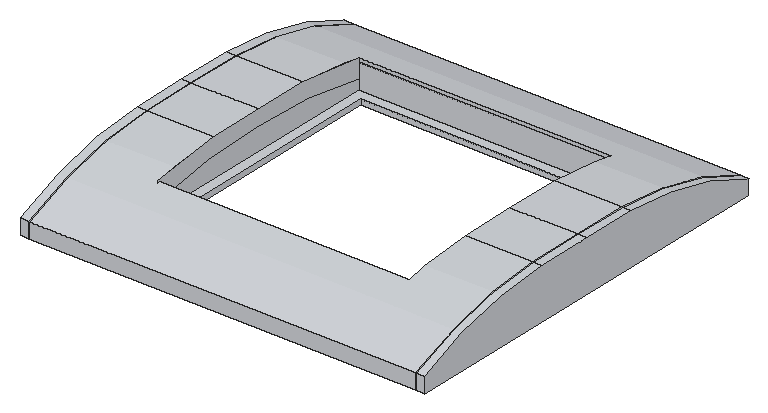
Revit family "Gira_0211748", category Electrical Fixtures, host Face, Revit 2017
Family settings
  Host = Face
  Maintain Annotation Orientation = No
  Round Connector Dimension = Use Diameter
  Part Type = Normal
  Cut with Voids When Loaded = No
  Shared = No
  Room Calculation Point = No
Parameters (values of type "Cov.fr. 1-g interm.fr. AN Gira Event Clear green")
  With mounting grid = "No"
  With hinged lid = "No"
  URL = "http://katalog.gira.de/en/datenblatt.html?artikelnr=0211748"
  Type of fastening = "Clamp mounting"
  Transparent = "No"
  Surface protection = "Other"
  Surface finishing = "Glossy"
  Suitable for wall duct = "No"
  Suitable for flush-mounted installation = "Yes"
  Suitable for floor box = "No"
  Suitable for built-in installation = "No"
  Number of units vertical = "1"
  Number of units horizontal = "1"
  Number of units = "1"
  Name = "Cov.fr. 1-g interm.fr. AN Gira Event Clear green"
  Mounting direction = "Horizontal and vertical"
  Material quality = "Thermoplastic"
  Material = "Plastic"
  Manufacturer URL = "https://www.gira.de/"
  Manufacturer = "Gira"
  Label space/information surface = "No"
  Keynote = ""
  HeinzeBIM = "https://bimportal.heinze.de/bim/cov-fr-1-g-interm-fr-an-gira-event-clear-green/a76df35da43352c11bf0390e63bd68907cdaa31f"
  Halogen free = "Yes"
  HAN = "0211748"
  GTIN = "4010337069072"
  Description = "Cov.fr.1g i.fr.AN EvCl GN,Gira Event Clear cover frame,green with anthracite intermediate frame,1-gang,Features:,- Shatter-proof."
  Degree of protection (IP) = "IP20"
  Default Elevation = 1219.2 mm
  Data sheet (1) = "https://katalog.gira.de/en/download.html?artikelnr=0211748"
  Colour = "Green"
  Category = "Cover frame for domestic switching devices"
  BIM (1) = "https://media.stage.bim.site/public/gira/36a6b08/Event_Rahmen_1fach.rfa"
  Available = "No"
Reference planes
  plane 1 "Center (Front/Back)": y = 0
  plane 2: z = 0
  plane 3 "Center (Left/Right)": x = 0
Forms (mm)
  Extrusion 1, solid, detail levels fine
    sketch origin (0, 0, 1.55) x (0, 1, 0) y (0, 0, 1)
      loop
        arc (12.445, 9.683) -> (6.223, 9.833) -> (0, 9.85) r 291.636
        arc (0, 9.85) -> (-6.223, 9.833) -> (-12.445, 9.683) r 291.636
        arc (-12.445, 9.683) -> (-29.14, 7.482) -> (-45, 1.823) r 79.728
        line (-45, 1.823) -> (-45, -1.55) -> (-41.777, -1.55) -> (-41.777, -0.55)
        arc (-41.777, -0.55) -> (-21.205, 4.846) -> (0, 6.467) r 118.15
        arc (0, 6.467) -> (21.205, 4.846) -> (41.777, -0.55) r 118.15
        line (41.777, -0.55) -> (41.777, -1.55) -> (45, -1.55) -> (45, 1.823)
        arc (45, 1.823) -> (29.14, 7.482) -> (12.445, 9.683) r 79.728
    from -43 to 43
  Extrusion 2, void, detail levels fine
    sketch origin (0, 0, 0) x (1, 0, 0) y (0, 1, 0)
      loop
        line (-28, -28) -> (28, -28) -> (28, 28) -> (-28, 28) -> (-28, -28)
    from 2.85 to 12
  Extrusion 3, solid, detail levels coarse
    sketch origin (0, 0, 0) x (1, 0, 0) y (0, 1, 0)
      loop
        line (-45, 45) -> (-45, -45) -> (45, -45) -> (45, 45) -> (-45, 45)
    from 0 to 11.4
  Extrusion 4, solid, detail levels medium
    sketch origin (0, 0, 1.55) x (0, 1, 0) y (0, 0, 1)
      loop
        arc (12.445, 9.683) -> (6.223, 9.833) -> (0, 9.85) r 291.636
        arc (0, 9.85) -> (-6.223, 9.833) -> (-12.445, 9.683) r 291.636
        arc (-12.445, 9.683) -> (-29.14, 7.482) -> (-45, 1.823) r 79.728
        line (-45, 1.823) -> (-45, -1.55) -> (45, -1.55) -> (45, 1.823)
        arc (45, 1.823) -> (29.14, 7.482) -> (12.445, 9.683) r 79.728
    from -45 to 45
  Extrusion 5, solid, detail levels fine
    sketch origin (0, 0, 0) x (0, 1, 0) y (0, 0, 1)
      loop
        arc (45, 3.373) -> (29.14, 9.032) -> (12.445, 11.233) r 79.728
        arc (12.445, 11.233) -> (6.223, 11.383) -> (0, 11.4) r 291.636
        arc (0, 11.4) -> (-6.223, 11.383) -> (-12.445, 11.233) r 291.636
        arc (-12.445, 11.233) -> (-29.14, 9.032) -> (-45, 3.373) r 79.728
        line (-45, 3.373) -> (-45, 0) -> (45, 0) -> (45, 3.373)
    from 43 to 45
  Extrusion 6, solid, detail levels fine
    sketch origin (0, 0, 0) x (0, 1, 0) y (0, 0, -1)
      loop
        line (45, -3.373) -> (45, 0) -> (-45, 0) -> (-45, -3.373)
        arc (-45, -3.373) -> (-29.14, -9.032) -> (-12.445, -11.233) r 79.728
        arc (-12.445, -11.233) -> (-6.223, -11.383) -> (0, -11.4) r 291.636
        arc (0, -11.4) -> (6.223, -11.383) -> (12.445, -11.233) r 291.636
        arc (12.445, -11.233) -> (29.14, -9.032) -> (45, -3.373) r 79.728
    from 43 to 45
  Extrusion 7, solid, detail levels fine
    sketch origin (0, 0, 0) x (1, 0, 0) y (0, 1, 0)
      loop
        line (-25.7, 25.7) -> (-25.7, -25.7) -> (25.7, -25.7) -> (25.7, 25.7) -> (-25.7, 25.7)
      loop
        line (-29.495, 27.895) -> (-29.495, -27.895)
        spline (-29.495, -27.895) -> (-29.486, -28.025) -> (-29.461, -28.154) -> (-29.419, -28.278) -> (-29.361, -28.395) -> (-29.288, -28.504) -> (-29.202, -28.602) -> (-29.104, -28.688) -> (-28.995, -28.761) -> (-28.878, -28.819) -> (-28.754, -28.861) -> (-28.625, -28.886) -> (-28.495, -28.895)
        line (-28.495, -28.895) -> (28.495, -28.895)
        spline (28.495, -28.895) -> (28.625, -28.886) -> (28.754, -28.861) -> (28.878, -28.819) -> (28.995, -28.761) -> (29.104, -28.688) -> (29.202, -28.602) -> (29.288, -28.504) -> (29.361, -28.395) -> (29.419, -28.278) -> (29.461, -28.154) -> (29.486, -28.025) -> (29.495, -27.895)
        line (29.495, -27.895) -> (29.495, 27.895)
        spline (29.495, 27.895) -> (29.486, 28.025) -> (29.461, 28.154) -> (29.419, 28.278) -> (29.361, 28.395) -> (29.288, 28.504) -> (29.202, 28.602) -> (29.104, 28.688) -> (28.995, 28.761) -> (28.878, 28.819) -> (28.754, 28.861) -> (28.625, 28.886) -> (28.495, 28.895)
        line (28.495, 28.895) -> (-28.495, 28.895)
        spline (-28.495, 28.895) -> (-28.625, 28.886) -> (-28.754, 28.861) -> (-28.878, 28.819) -> (-28.995, 28.761) -> (-29.104, 28.688) -> (-29.202, 28.602) -> (-29.288, 28.504) -> (-29.361, 28.395) -> (-29.419, 28.278) -> (-29.461, 28.154) -> (-29.486, 28.025) -> (-29.495, 27.895)
    from 1.673 to 8.5
Cuts and joins
  Extrusion 2 cuts Extrusion 1
  Extrusion 2 cuts Extrusion 7
Dimensions and locks
  aligned and locked: plane 2 to host face
  aligned and locked: level to host face
